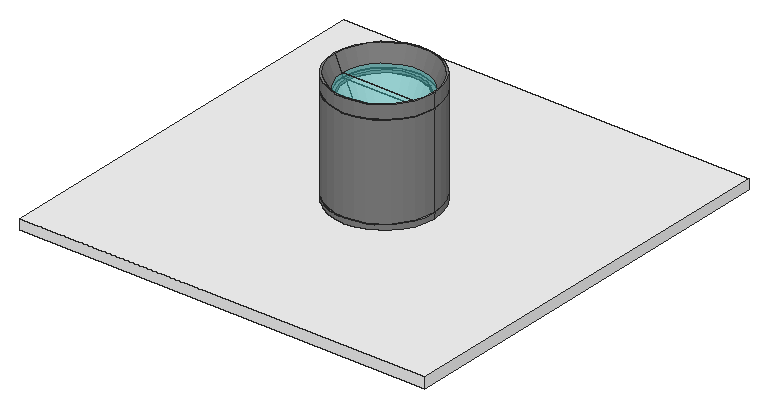
Revit family "24399_BEGA_Revit", category Lighting Fixtures, host Face, Revit 2019
Family settings
  Host = Face
  Round Connector Dimension = Use Diameter
  Part Type = Normal
  Cut with Voids When Loaded = Yes
  Light Source = Yes
  Shared = No
  Room Calculation Point = Yes
Parameters (values of type "24399_BEGA_Revit")
  Voltage = 120 V
  Update = "2019-07-01T04:00:23"
  URL = "www.bega-us.com"
  Type Image = 24399.png
  Type Comments = "© 2019 BEGA. Technical amendments reserved."
  Serial_number [instance] = "Here you can enter the individual serial number for use in facility management."
  Protection_class = "IP 65"
  Product_data_sheet = "www.bega-us.com"
  Order_number = "24399"
  Model = "24399K4"
  Material_17 = BEGA_reflector
  Material_15 = BEGA_lighting_medium_matt
  Material_11 = BEGA_glass_opal
  Material_09 = BEGA_glass_clear
  Material_06 = BEGA_finishes_stainless_steel_brushed
  Material_03 = BEGA_finishes_white_matt
  Material_02 = BEGA_finishes_silver_matt
  Material_01 [instance] = BEGA_finishes_graphite_matt
  Manufacturer = "BEGA"  # constant formula
  M_W = no
  M_G = yes
  M_A = no
  Luminaire_luminous_flux = "983 lm"
  Logo = 0
  Load_Classification = Lighting
  Lamp = "LED 8.0 W"
  Half_beam_angle = ""
  Fixing_hole = "Ø 4,3 mm"
  Fixing_distance = "76 mm"
  built-in parameter 1150104 = 11.148 (stored number, unit not read)
  Wattage = 8.19167 W
  Description = "Ceiling mounted downlight"
  Default Elevation = 0 mm
  built-in parameter 1150113 = 1 (stored number, unit not read)
  Connected_wattage [instance] = "12.0 W"
  Colour_temperature = "4000 K"
  Colour_rendering_index = "CRI > 80"
  Bega_IES = yes
  built-in parameter 1114218 = 1 (stored number, unit not read)
  built-in parameter 1150134 = 12
  built-in parameter 1150109 = 1 (stored number, unit not read)
  built-in parameter 1150110 = 1 (stored number, unit not read)
  Tilt Angle = 0.00°
  built-in parameter 1114217 = 1 (stored number, unit not read)
  built-in parameter 1150139 = (empty or 0)
  built-in parameter 1150105 = 78.225 (stored number, unit not read)
  built-in parameter 1150114 = 1 (stored number, unit not read)
  Lumens = 983 lm
  built-in parameter 1150115 = 1 (stored number, unit not read)
  built-in parameter 1150112 = 1 (stored number, unit not read)
  Dimming Lamp Color Temperature Shift = <None>
  Color Filter = 16777215
  BEGA_internal_structure = yes
  BEGA_internal_on = yes
  BEGA_internal_off = yes
  BEGA_internal = yes
  BEGA_dummy = no
  built-in parameter 1150133 = 10 (stored number, unit not read)
  built-in parameter 1150137 = (empty or 0)
  built-in parameter 1150132 = 2
  Photometric Web File = "24399K4_BEGA_IES.ies"
  built-in parameter 1150106 = 0.78225 (stored number, unit not read)
  built-in parameter 1150107 = 4000 (stored number, unit not read)
  built-in parameter 1150102 = (empty or 0)
  built-in parameter 1150138 = (empty or 0)
  Apparent Load = 0 VA
Reference planes
  plane 1 "Center (Front/Back)": y = 0
  plane 2: z = 0
  plane 3 "Center (Left/Right)": x = 0
  plane 4 "left": x = -50
  plane 5 "right": x = 50
  plane 6 "down": y = -50
  plane 7 "up": y = 50
  plane 8 "Back": z = 0
  plane 9 "Front": z = 111.4
Forms (mm)
  Extrusion 1, solid, material "BEGA_plate_white"
    sketch origin (0, 0, 0) x (1, 0, 0) y (0, 1, 0)
      loop
        line (-200, 200) -> (-200, -200) -> (200, -200) -> (200, 200) -> (-200, 200)
    from 0 to -10
  Extrusion 2, solid, material "BEGA_Dummy_matt", visible <- "BEGA_dummy"
    sketch origin (77.149, -76.023, 0) x (1, 0, 0) y (0, 1, 0)
      loop
        circle (-77.149, 76.023) r 50
    from 0 to 111.4
Dimensions and locks
  aligned and locked: plane 2 to Extrusion 1
  aligned and locked: level to Extrusion 1
Nested families
  nested 1: "24399_BEGA_Revit" at (0, 0, 0), type "24399_BEGA_Revit"
Connectors
  electrical at (0, 0, 0), driven by "Apparent Load", driven by "Load_Classification", driven by "Voltage"
    settings: on Extrusion 1, index 1, voltage 120 V, apparent load 0 VA, apparent load phase1 0 VA, apparent load phase2 0 VA, apparent load phase3 0 VA, power factor 1, load classification "Lighting", number of poles 1, system type 31, power factor state 1, is connector primary yes, connector utility no, sub classification motor no, connector description ""
Definition of nested family "24399_BEGA_Revit"
  Parameters (values of type "BE_24399")
    Default Elevation = 1 mm
    URL = "http://www.bega.de/de/produkt"
    Type Comments = "© 2015 BEGA. Wir behalten uns das Recht vor, technische Änderungen ohne vorherige Ankündigung vorzunehmen. "  # constant formula
    Type Image = (empty or 0)
    Neigungswinkel_um_Z2 = 0.00°
    Neigungswinkel_um_Z1 = 0.00°
    Neigungswinkel_um_Y2 = 0.00°
    Neigungswinkel_um_Y1 = 0.00°
    Neigungswinkel_um_X2 = 0.00°
    Neigungswinkel_um_X1 = 0.00°
    Material_17 = none
    Material_15 = none
    Material_11 = none
    Material_09 = none
    Material_06 = none
    Material_03 = none
    Material_02 = none
    Material_01 = none
    M_W = yes
    M_G = yes
    M_A = yes
    Länge_Platte = 200 mm  # constant formula
    Höhe_Platte = -10 mm  # constant formula
    Manufacturer = "BEGA"  # constant formula
    Drehwinkel_um_Z2 = 0.00°
    Drehwinkel_um_Z1 = 0.00°
    Breite_Platte = 200 mm  # constant formula
  Reference planes
    plane 1 "Mitte (Oben/Unten)": y = 0
    plane 2: z = 0
    plane 3 "Mitte (Links/Rechts)": x = 0
    plane 4 "Vorne": z = 111.4
    plane 5 "Hinten": z = -25
    plane 6 "Links": x = -50
    plane 7 "Oben": y = 50
    plane 8 "Unten": y = -50
    plane 9: x = 50
  Forms (mm)
    Extrusion 1, solid, detail levels medium
      sketch origin (0, 0, 0) x (1, 0, 0) y (0, 1, 0)
        loop
          line (-100, 100) -> (-100, -100) -> (100, -100) -> (100, 100) -> (-100, 100)
      from 0 to -10 <- "Höhe_Platte"
    Revolve 2, solid, material <- "Material_01", visible <- "M_G"
      sketch origin (0, 0, 0) x (1, 0, 0) y (0, 0, 1)
        loop
          line (-50, 111.4) -> (-50, 98.417) -> (-47.884, 98.194) -> (-45.886, 94.734) -> (-47, 94.091) -> (-47, 85.55) -> (-45.078, 84.9) -> (-42.843, 84.9) -> (-42.651, 90.4) -> (-38.087, 90.4) -> (-38, 92.9) -> (-41.306, 92.9) -> (-48.5, 111.4) -> (-50, 111.4)
        axis (0, 111.4) -> (0, 84.9)
      angle from 0 to 360
    Revolve 3, solid, material <- "Material_01", visible <- "M_G"
      sketch origin (0, 0, 0) x (1, 0, 0) y (0, 0, 1)
        loop
          line (-50, 97.4) -> (-50, 6) -> (-47.965, 6) -> (-47.303, 24.964) -> (-40.001, 24.964) -> (-39.417, 41.7) -> (0, 41.7) -> (0, 46.7) -> (-38.893, 46.7) -> (-40, 78.398) -> (-47.293, 78.398) -> (-48, 94.4) -> (-49.092, 97.4) -> (-50, 97.4)
        axis (0, 6) -> (0, 97.4)
      angle from 0 to 360
    Revolve 4, solid, material <- "Material_17"
      sketch origin (0, 0, 0) x (1, 0, 0) y (0, 0, 1)
        loop
          line (-41.5, 89.2) -> (-38.478, 89.2)
          arc (-38.478, 89.2) -> (-29.406, 69.485) -> (-18.265, 50.861) r 201.35
          arc (-18.265, 50.861) -> (-17.747, 50.387) -> (-17.071, 50.2) r 1.5
          line (-17.071, 50.2) -> (-15.5, 50.2)
          arc (-15.5, 50.2) -> (-15.113, 50.384) -> (-15.01, 50.8) r 0.5
          arc (-15.01, 50.8) -> (-15.113, 51.216) -> (-15.5, 51.4) r 0.5
          line (-15.5, 51.4) -> (-16.996, 51.4)
          arc (-16.996, 51.4) -> (-28.322, 70.334) -> (-37.493, 90.4) r 199.946
          line (-37.493, 90.4) -> (-41.458, 90.4) -> (-41.5, 89.2)
        axis (0, 50.2) -> (0, 90.4)
      angle from 0 to 360
    Revolve 5, solid, material <- "Material_09"
      sketch origin (0, 0, 0) x (1, 0, 0) y (0, 0, 1)
        loop
          line (0, 97) -> (-41, 97) -> (-41, 92.9) -> (0, 92.9) -> (0, 97)
        axis (0, 92.9) -> (0, 97)
      angle from 0 to 360
    Revolve 6, solid, material <- "Material_03", visible <- "M_W"
      sketch origin (0, 0, 0) x (1, 0, 0) y (0, 0, 1)
        loop
          line (-50, 111.4) -> (-50, 98.417) -> (-47.884, 98.194) -> (-45.886, 94.734) -> (-47, 94.091) -> (-47, 85.55) -> (-45.078, 84.9) -> (-42.843, 84.9) -> (-42.651, 90.4) -> (-38.087, 90.4) -> (-38, 92.9) -> (-41.306, 92.9) -> (-48.5, 111.4) -> (-50, 111.4)
        axis (0, 111.4) -> (0, 84.9)
      angle from 0 to 360
    Revolve 7, solid, material <- "Material_03", visible <- "M_W"
      sketch origin (0, 0, 0) x (1, 0, 0) y (0, 0, 1)
        loop
          line (-50, 97.4) -> (-50, 6) -> (-47.965, 6) -> (-47.303, 24.964) -> (-40.001, 24.964) -> (-39.417, 41.7) -> (0, 41.7) -> (0, 46.7) -> (-38.893, 46.7) -> (-40, 78.398) -> (-47.293, 78.398) -> (-48, 94.4) -> (-49.092, 97.4) -> (-50, 97.4)
        axis (0, 6) -> (0, 97.4)
      angle from 0 to 360
    Revolve 8, solid, material <- "Material_15"
      sketch origin (0, 0, 0) x (1, 0, 0) y (0, 0, 1)
        loop
          line (-13.933, 48.423) -> (0, 48.423) -> (0, 49.205) -> (-13.933, 49.205) -> (-13.933, 48.423)
        axis (0, 48.423) -> (0, 49.423)
      angle from 0 to 360
    Revolve 9, solid, material <- "Material_01", visible <- "M_G"
      sketch origin (0, 0, 0) x (1, 0, 0) y (0, 0, 1)
        loop
          line (0, 16) -> (-38.731, 16) -> (-42.91, 16) -> (-42.91, 18.5) -> (-47, 18.5) -> (-47, 5.299) -> (-50, 4.983) -> (-50, 0) -> (-43.105, 0) -> (-42.651, 13) -> (0, 13) -> (0, 16)
        axis (0, 18.5) -> (0, 0)
      angle from 0 to 360
    Extrusion 10, solid, material <- "Material_01", visible <- "M_G"
      sketch origin (0, 0, 0) x (1, 0, 0) y (0, 1, 0)
        loop
          circle (-38, 0) r 6.17
        loop
          circle (38, 0) r 6.17
        loop
          circle (-38, 0) r 2.145
        loop
          circle (38, 0) r 2.145
      from 0 to 19.705
    Revolve 11, solid, material <- "Material_03", visible <- "M_W"
      sketch origin (0, 0, 0) x (1, 0, 0) y (0, 0, 1)
        loop
          line (0, 16) -> (-38.731, 16) -> (-42.91, 16) -> (-42.91, 18.5) -> (-47, 18.5) -> (-47, 5.299) -> (-50, 4.983) -> (-50, 0) -> (-43.105, 0) -> (-42.651, 13) -> (0, 13) -> (0, 16)
        axis (0, 18.5) -> (0, 0)
      angle from 0 to 360
    Extrusion 12, solid, material <- "Material_03", visible <- "M_W"
      sketch origin (0, 0, 0) x (1, 0, 0) y (0, 1, 0)
        loop
          circle (-38, 0) r 6.17
        loop
          circle (38, 0) r 6.17
        loop
          circle (-38, 0) r 2.145
        loop
          circle (38, 0) r 2.145
      from 0 to 19.705
    Extrusion 13, void
      sketch origin (0, 0, 0) x (1, 0, 0) y (0, 1, 0)
        loop
          circle (0, 29) r 7.197
      from 10.843 to 18.77
  Cuts and joins
    Extrusion 13 cuts Revolve 9
    Extrusion 13 cuts Extrusion 10
    joined: Revolve 9, Extrusion 10
    Extrusion 13 cuts Revolve 11
    Extrusion 13 cuts Extrusion 12
    joined: Revolve 11, Extrusion 12
    Extrusion 13 cuts Revolve 3
    Extrusion 13 cuts Revolve 4
    Extrusion 13 cuts Revolve 5
    Extrusion 13 cuts Revolve 7
  Dimensions and locks
    equal spacing: Extrusion 1 sketch curve, plane 3 "Mitte (Links/Rechts)", Extrusion 1 sketch curve
    equal spacing: Extrusion 1 sketch curve, plane 1 "Mitte (Oben/Unten)", Extrusion 1 sketch curve
    "Länge_Platte": Extrusion 1 sketch curve to Extrusion 1 sketch curve
    "Breite_Platte": Extrusion 1 sketch curve to Extrusion 1 sketch curve
    aligned and locked: plane 2 to Extrusion 1
    aligned and locked: level to Extrusion 1
  Automatic sketch dimensions
    Revolve 2 sketch curve to plane 3 "Mitte (Links/Rechts)" = 0 mm
    Revolve 2 sketch curve to Revolve 2 sketch curve = 0.087 mm
    Revolve 2 sketch curve to Revolve 2 sketch curve = 0.192 mm
    Revolve 2 sketch curve to Revolve 2 sketch curve = 2.235 mm
    Revolve 2 sketch curve to Revolve 2 sketch curve = 1.922 mm
    Revolve 2 sketch curve to Revolve 2 sketch curve = 1.998 mm
    Revolve 2 sketch curve to Revolve 2 sketch curve = 0.616 mm
    Revolve 2 sketch curve to Revolve 2 sketch curve = 1.5 mm
    level to Revolve 2 sketch curve = 84.9 mm
    Revolve 2 sketch curve to Revolve 2 sketch curve = 0.65 mm
    Revolve 2 sketch curve to Revolve 2 sketch curve = 5.5 mm
    Revolve 2 sketch curve to Revolve 2 sketch curve = 2.5 mm
    Revolve 2 sketch curve to Revolve 2 sketch curve = 3.691 mm
    Revolve 2 sketch curve to Revolve 2 sketch curve = 0.643 mm
    Revolve 2 sketch curve to Revolve 2 sketch curve = 0.222 mm
    Revolve 2 sketch curve to Revolve 2 sketch curve = 12.983 mm
    Revolve 2 sketch curve to Revolve 2 sketch curve = 3.306 mm
    Revolve 2 sketch curve to Revolve 2 sketch curve = 8.578 mm
    Revolve 2 sketch curve to Revolve 2 sketch curve = 6.422 mm
    Revolve 2 sketch curve to plane 3 "Mitte (Links/Rechts)" = 38 mm
    Revolve 2 sketch curve to Revolve 2 sketch curve = 1.345 mm
    Revolve 2 sketch curve to Revolve 2 sketch curve = 1.114 mm
    Revolve 3 sketch curve to plane 3 "Mitte (Links/Rechts)" = 0 mm  (x2)
    Revolve 3 sketch curve to Revolve 3 sketch curve = 38.893 mm
    Revolve 3 sketch curve to Revolve 3 sketch curve = 0.524 mm
    Revolve 3 sketch curve to Revolve 3 sketch curve = 1.107 mm
    Revolve 3 sketch curve to Revolve 3 sketch curve = 0.584 mm
    Revolve 3 sketch curve to Revolve 3 sketch curve = 7.293 mm
    Revolve 3 sketch curve to Revolve 3 sketch curve = 7.302 mm
    level to Revolve 3 sketch curve = 6 mm
    Revolve 3 sketch curve to Revolve 3 sketch curve = 0.662 mm
    Revolve 3 sketch curve to Revolve 3 sketch curve = 0.707 mm
    Revolve 3 sketch curve to Revolve 3 sketch curve = 1.092 mm
    Revolve 3 sketch curve to Revolve 3 sketch curve = 0.908 mm
    Revolve 3 sketch curve to Revolve 3 sketch curve = 18.964 mm
    Revolve 3 sketch curve to Revolve 3 sketch curve = 16.736 mm
    Revolve 3 sketch curve to Revolve 3 sketch curve = 5 mm
    Revolve 3 sketch curve to Revolve 3 sketch curve = 31.698 mm  (x2)
    Revolve 3 sketch curve to Revolve 3 sketch curve = 16.002 mm
    Revolve 3 sketch curve to Revolve 3 sketch curve = 3 mm
    Revolve 3 sketch curve to Revolve 3 sketch curve = 26.486 mm
    Revolve 4 sketch curve to plane 3 "Mitte (Links/Rechts)" = 0 mm
    Revolve 4 sketch curve to plane 3 "Mitte (Links/Rechts)" = 15.5 mm
    Revolve 4 sketch curve to Revolve 4 sketch curve = 0 mm  (x2)
    Revolve 4 sketch curve to Revolve 4 sketch curve = 1.496 mm
    Revolve 4 sketch curve to Revolve 4 sketch curve = 0.025 mm
    Revolve 4 sketch curve to Revolve 4 sketch curve = 0.075 mm
    Revolve 4 sketch curve to plane 3 "Mitte (Links/Rechts)" = 37.493 mm
    Revolve 4 sketch curve to Revolve 4 sketch curve = 0.985 mm
    Revolve 4 sketch curve to Revolve 4 sketch curve = 2.98 mm
    Revolve 4 sketch curve to Revolve 4 sketch curve = 0.042 mm
    Revolve 4 sketch curve to Revolve 4 sketch curve = 0.037 mm  (x2)
    level to Revolve 4 sketch curve = 50.2 mm
    Revolve 4 sketch curve to Revolve 4 sketch curve = 0.5 mm  (x2)
    Revolve 4 sketch curve to Revolve 4 sketch curve = 0.2 mm
    Revolve 4 sketch curve to Revolve 4 sketch curve = 0.299 mm
    Revolve 4 sketch curve to Revolve 4 sketch curve = 37.501 mm
    Revolve 4 sketch curve to Revolve 4 sketch curve = 1.2 mm
    Revolve 4 sketch curve to Revolve 4 sketch curve = 20 mm
    Revolve 4 sketch curve to Revolve 4 sketch curve = 8.528 mm
    Revolve 5 sketch curve to plane 3 "Mitte (Links/Rechts)" = 0 mm  (x2)
    Revolve 5 sketch curve to Revolve 5 sketch curve = 41 mm
    level to Revolve 5 sketch curve = 92.9 mm
    Revolve 5 sketch curve to Revolve 5 sketch curve = 4.1 mm
    Revolve 5 sketch curve to Revolve 5 sketch curve = 5 mm
    Revolve 5 sketch curve to Revolve 5 sketch curve = 6.689 mm
    Revolve 6 sketch curve to plane 3 "Mitte (Links/Rechts)" = 0 mm
    Revolve 6 sketch curve to plane 3 "Mitte (Links/Rechts)" = 38 mm
    Revolve 6 sketch curve to Revolve 6 sketch curve = 0.087 mm
    Revolve 6 sketch curve to Revolve 6 sketch curve = 3.306 mm
    Revolve 6 sketch curve to Revolve 6 sketch curve = 1.345 mm
    Revolve 6 sketch curve to Revolve 6 sketch curve = 0.192 mm
    Revolve 6 sketch curve to Revolve 6 sketch curve = 2.235 mm
    Revolve 6 sketch curve to Revolve 6 sketch curve = 4.58 mm
    Revolve 6 sketch curve to Revolve 6 sketch curve = 1.922 mm
    Revolve 6 sketch curve to Revolve 6 sketch curve = 1.998 mm
    Revolve 6 sketch curve to Revolve 6 sketch curve = 0.616 mm
    Revolve 6 sketch curve to Revolve 6 sketch curve = 1.5 mm
    level to Revolve 6 sketch curve = 84.9 mm
    Revolve 6 sketch curve to Revolve 6 sketch curve = 0.65 mm
    Revolve 6 sketch curve to Revolve 6 sketch curve = 5.5 mm
    Revolve 6 sketch curve to Revolve 6 sketch curve = 2.5 mm
    Revolve 6 sketch curve to Revolve 6 sketch curve = 3.691 mm
    Revolve 6 sketch curve to Revolve 6 sketch curve = 0.643 mm
    Revolve 6 sketch curve to Revolve 6 sketch curve = 0.222 mm
    Revolve 6 sketch curve to Revolve 6 sketch curve = 12.983 mm
    Revolve 6 sketch curve to Revolve 6 sketch curve = 8.578 mm
    Revolve 6 sketch curve to Revolve 6 sketch curve = 6.422 mm
    Revolve 7 sketch curve to plane 3 "Mitte (Links/Rechts)" = 0 mm  (x2)
    Revolve 7 sketch curve to plane 3 "Mitte (Links/Rechts)" = 38.893 mm
    Revolve 7 sketch curve to Revolve 7 sketch curve = 0.524 mm
    Revolve 7 sketch curve to Revolve 7 sketch curve = 1.107 mm
    Revolve 7 sketch curve to Revolve 7 sketch curve = 0.584 mm
    Revolve 7 sketch curve to Revolve 7 sketch curve = 7.293 mm
    Revolve 7 sketch curve to Revolve 7 sketch curve = 7.302 mm
    level to Revolve 7 sketch curve = 6 mm
    Revolve 7 sketch curve to Revolve 7 sketch curve = 0.662 mm
    Revolve 7 sketch curve to Revolve 7 sketch curve = 0.707 mm
    Revolve 7 sketch curve to Revolve 7 sketch curve = 1.092 mm
    Revolve 7 sketch curve to Revolve 7 sketch curve = 0.908 mm
    Revolve 7 sketch curve to Revolve 7 sketch curve = 18.964 mm
    Revolve 7 sketch curve to Revolve 7 sketch curve = 16.736 mm
    Revolve 7 sketch curve to Revolve 7 sketch curve = 5 mm
    Revolve 7 sketch curve to Revolve 7 sketch curve = 31.698 mm  (x2)
    Revolve 7 sketch curve to Revolve 7 sketch curve = 16.002 mm
    Revolve 7 sketch curve to Revolve 7 sketch curve = 3 mm
    Revolve 7 sketch curve to Revolve 7 sketch curve = 26.486 mm
    Revolve 8 sketch curve to plane 3 "Mitte (Links/Rechts)" = 0 mm  (x2)
    Revolve 8 sketch curve to plane 3 "Mitte (Links/Rechts)" = 13.933 mm
    level to Revolve 8 sketch curve = 48.423 mm
    Revolve 8 sketch curve to Revolve 8 sketch curve = 0.782 mm
    Revolve 8 sketch curve to Revolve 8 sketch curve = 2.192 mm
    Revolve 8 sketch curve to Revolve 8 sketch curve = 2.28 mm
    plane 4 "Vorne" to Revolve 4 sketch curve = 51.954 mm
    Revolve 9 sketch curve to plane 6 "Links" = 0 mm
    Revolve 9 sketch curve to level = 0 mm
    Revolve 9 sketch curve to plane 3 "Mitte (Links/Rechts)" = 0 mm  (x2)
    plane 6 "Links" to Revolve 9 sketch curve = 3 mm
    Revolve 9 sketch curve to Revolve 9 sketch curve = 3.895 mm
    Revolve 9 sketch curve to Revolve 9 sketch curve = 4.09 mm
    Revolve 9 sketch curve to Revolve 9 sketch curve = 0.259 mm
    Revolve 9 sketch curve to Revolve 9 sketch curve = 4.179 mm
    Revolve 9 sketch curve to Revolve 9 sketch curve = 4.983 mm
    Revolve 9 sketch curve to Revolve 9 sketch curve = 0.315 mm
    Revolve 9 sketch curve to Revolve 9 sketch curve = 7.701 mm
    Revolve 9 sketch curve to Revolve 9 sketch curve = 3 mm
    Revolve 9 sketch curve to Revolve 9 sketch curve = 2.5 mm
    Revolve 9 sketch curve to Revolve 9 sketch curve = 4.431 mm
    Revolve 9 sketch curve to Revolve 9 sketch curve = 13.732 mm
    Extrusion 10 sketch curve to Extrusion 10 sketch curve = 0 mm  (x4)
    Extrusion 10 sketch curve to plane 1 "Mitte (Oben/Unten)" = 0 mm  (x2)
    plane 6 "Links" to Extrusion 10 sketch curve = 12 mm
    plane 9 to Extrusion 10 sketch curve = 12 mm
    Revolve 11 sketch curve to plane 6 "Links" = 0 mm
    Revolve 11 sketch curve to level = 0 mm
    Revolve 11 sketch curve to plane 3 "Mitte (Links/Rechts)" = 0 mm  (x2)
    plane 6 "Links" to Revolve 11 sketch curve = 3 mm
    Revolve 11 sketch curve to Revolve 11 sketch curve = 3.895 mm
    Revolve 11 sketch curve to Revolve 11 sketch curve = 4.09 mm
    Revolve 11 sketch curve to Revolve 11 sketch curve = 0.259 mm
    Revolve 11 sketch curve to Revolve 11 sketch curve = 4.179 mm
    Revolve 11 sketch curve to Revolve 11 sketch curve = 4.983 mm
    Revolve 11 sketch curve to Revolve 11 sketch curve = 0.315 mm
    Revolve 11 sketch curve to Revolve 11 sketch curve = 7.701 mm
    Revolve 11 sketch curve to Revolve 11 sketch curve = 3 mm
    Revolve 11 sketch curve to Revolve 11 sketch curve = 2.5 mm
    Revolve 11 sketch curve to Revolve 11 sketch curve = 4.431 mm
    Revolve 11 sketch curve to Revolve 11 sketch curve = 13.732 mm
    Extrusion 12 sketch curve to Extrusion 12 sketch curve = 0 mm  (x4)
    Extrusion 12 sketch curve to plane 1 "Mitte (Oben/Unten)" = 0 mm  (x2)
    plane 6 "Links" to Extrusion 12 sketch curve = 12 mm
    plane 9 to Extrusion 12 sketch curve = 12 mm
    radius of Extrusion 10 sketch curve = 6.17 mm  (x2)
    radius of Extrusion 10 sketch curve = 2.145 mm  (x2)
    radius of Extrusion 12 sketch curve = 6.17 mm  (x2)
    radius of Extrusion 12 sketch curve = 2.145 mm  (x2)
